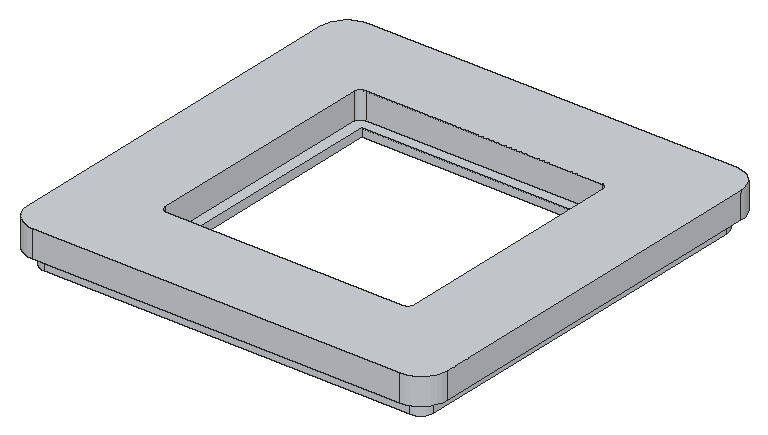
Revit family "Gira_0211505", category Electrical Fixtures, host Face, Revit 2017
Family settings
  Host = Face
  Maintain Annotation Orientation = No
  Round Connector Dimension = Use Diameter
  Part Type = Normal
  Cut with Voids When Loaded = No
  Shared = No
  Room Calculation Point = No
Parameters (values of type "Cov.fr. 1-g Gira Esprit black gl.C")
  With mounting grid = "No"
  With hinged lid = "No"
  URL = "http://katalog.gira.de/en/datenblatt.html?artikelnr=0211505"
  Type of fastening = "Clamp mounting"
  Transparent = "No"
  Surface protection = "Other"
  Suitable for wall duct = "No"
  Suitable for flush-mounted installation = "Yes"
  Suitable for floor box = "No"
  Suitable for built-in installation = "No"
  Number of units vertical = "1"
  Number of units horizontal = "1"
  Number of units = "1"
  Name = "Cov.fr. 1-g Gira Esprit black gl.C"
  Mounting direction = "Horizontal and vertical"
  Material quality = "Real glass"
  Material = "Glass"
  Manufacturer URL = "https://www.gira.de/"
  Manufacturer = "Gira"
  Label space/information surface = "No"
  Keynote = ""
  HeinzeBIM = "https://bimportal.heinze.de/bim/cov-fr-1-g-gira-esprit-black-gl-c/5f3e6f42629017efab367ce2a44b1b20eb9b2570"
  Halogen free = "No"
  HAN = "0211505"
  GTIN = "4010337077732"
  Description = "Cov.fr.1g Espr. GCBk,Gira Esprit cover frame,black glass C,1-gang,"
  Degree of protection (IP) = "IP20"
  Default Elevation = 1219.2 mm
  Data sheet (1) = "https://katalog.gira.de/en/download.html?artikelnr=0211505"
  Colour = "Other"
  Category = "Cover frame for domestic switching devices"
  BIM (1) = "https://media.stage.bim.site/public/gira/36a6b08/Espr.GC_Rahmen_1fach.rfa"
  Available = "No"
Reference planes
  plane 1 "Center (Front/Back)": y = 0
  plane 2: z = 0
  plane 3 "Center (Left/Right)": x = 0
Forms (mm)
  Extrusion 1, solid, detail levels fine
    sketch origin (0, 0, 0) x (1, 0, 0) y (0, 1, 0)
      loop
        line (-47.5, 41.5) -> (-47.5, -41.5)
        arc (-47.5, -41.5) -> (-45.743, -45.743) -> (-41.5, -47.5) r 6
        line (-41.5, -47.5) -> (41.5, -47.5)
        arc (41.5, -47.5) -> (45.743, -45.743) -> (47.5, -41.5) r 6
        line (47.5, -41.5) -> (47.5, 41.5)
        arc (47.5, 41.5) -> (45.743, 45.743) -> (41.5, 47.5) r 6
        line (41.5, 47.5) -> (-41.5, 47.5)
        arc (-41.5, 47.5) -> (-45.743, 45.743) -> (-47.5, 41.5) r 6
      loop
        line (26.7, 28.2) -> (-26.7, 28.2)
        arc (-26.7, 28.2) -> (-27.761, 27.761) -> (-28.2, 26.7) r 1.5
        line (-28.2, 26.7) -> (-28.2, -26.7)
        arc (-28.2, -26.7) -> (-27.761, -27.761) -> (-26.7, -28.2) r 1.5
        line (-26.7, -28.2) -> (26.7, -28.2)
        arc (26.7, -28.2) -> (27.761, -27.761) -> (28.2, -26.7) r 1.5
        line (28.2, -26.7) -> (28.2, 26.7)
        arc (28.2, 26.7) -> (27.761, 27.761) -> (26.7, 28.2) r 1.5
    from 0 to 6
  Extrusion 2, solid, detail levels fine
    sketch origin (0, 0, 0) x (1, 0, 0) y (0, 1, 0)
      loop
        line (-44.4, 41.4) -> (-44.4, -41.4)
        arc (-44.4, -41.4) -> (-43.521, -43.521) -> (-41.4, -44.4) r 3
        line (-41.4, -44.4) -> (41.4, -44.4)
        arc (41.4, -44.4) -> (43.521, -43.521) -> (44.4, -41.4) r 3
        line (44.4, -41.4) -> (44.4, 41.4)
        arc (44.4, 41.4) -> (43.521, 43.521) -> (41.4, 44.4) r 3
        line (41.4, 44.4) -> (-41.4, 44.4)
        arc (-41.4, 44.4) -> (-43.521, 43.521) -> (-44.4, 41.4) r 3
      loop
        arc (-41.3, 43.194) -> (-42.639, 42.639) -> (-43.194, 41.3) r 1.894
        line (-43.194, 41.3) -> (-43.194, -41.3)
        arc (-43.194, -41.3) -> (-42.639, -42.639) -> (-41.3, -43.194) r 1.894
        line (-41.3, -43.194) -> (41.3, -43.194)
        arc (41.3, -43.194) -> (42.639, -42.639) -> (43.194, -41.3) r 1.894
        line (43.194, -41.3) -> (43.194, 41.3)
        arc (43.194, 41.3) -> (42.639, 42.639) -> (41.3, 43.194) r 1.894
        line (41.3, 43.194) -> (-41.3, 43.194)
    from -3.7 to 0
  Extrusion 3, solid, detail levels fine
    sketch origin (0, 0, 0) x (1, 0, 0) y (0, 1, 0)
      loop
        line (-25.7, 25.7) -> (-25.7, -25.7) -> (25.7, -25.7) -> (25.7, 25.7) -> (-25.7, 25.7)
      loop
        line (-43.194, 41.3) -> (-43.194, -41.3)
        arc (-43.194, -41.3) -> (-42.639, -42.639) -> (-41.3, -43.194) r 1.894
        line (-41.3, -43.194) -> (41.3, -43.194)
        arc (41.3, -43.194) -> (42.639, -42.639) -> (43.194, -41.3) r 1.894
        line (43.194, -41.3) -> (43.194, 41.3)
        arc (43.194, 41.3) -> (42.639, 42.639) -> (41.3, 43.194) r 1.894
        line (41.3, 43.194) -> (-41.3, 43.194)
        arc (-41.3, 43.194) -> (-42.639, 42.639) -> (-43.194, 41.3) r 1.894
    from -1.9 to 0
  Extrusion 4, solid, detail levels medium
    sketch origin (0, 0, 0) x (1, 0, 0) y (0, 1, 0)
      loop
        line (-47.5, 47.5) -> (-47.5, -47.5) -> (47.5, -47.5) -> (47.5, 47.5) -> (-47.5, 47.5)
    from 0 to 6
  Extrusion 5, solid, detail levels medium
    sketch origin (0, 0, 0) x (1, 0, 0) y (0, 1, 0)
      loop
        line (-44.4, 44.4) -> (-44.4, -44.4) -> (44.4, -44.4) -> (44.4, 44.4) -> (-44.4, 44.4)
    from -3.7 to 0
  Extrusion 6, solid, detail levels coarse
    sketch origin (0, 0, 0) x (1, 0, 0) y (0, 1, 0)
      loop
        line (-47.5, 47.5) -> (-47.5, -47.5) -> (47.5, -47.5) -> (47.5, 47.5) -> (-47.5, 47.5)
    from -3.7 to 6
Dimensions and locks
  aligned and locked: plane 2 to host face
  aligned and locked: level to host face
